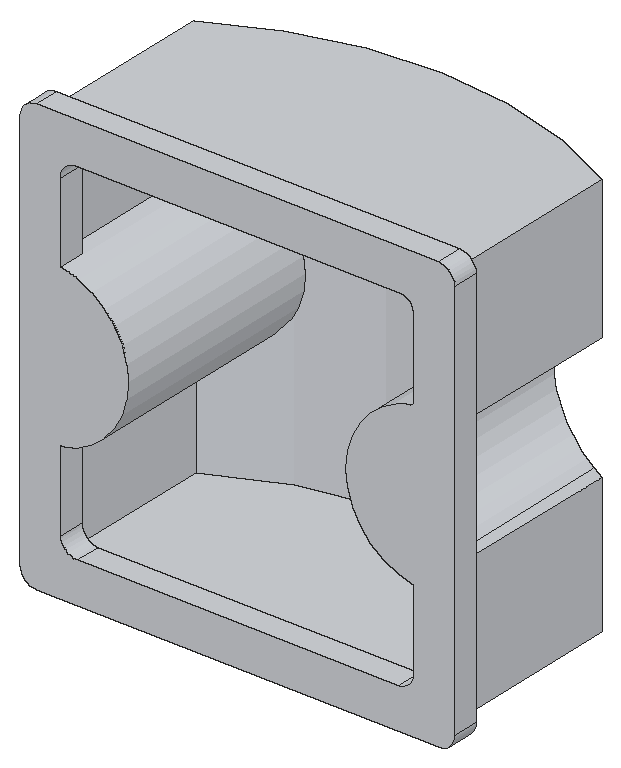
Revit family "E_FF130 Single Socket Insert-47mm", category Specialty Equipment, Revit 2015
Parameters (values of type "Firefly 1130 Single Switch Insert 47mm Deep")
  Youtube Clip = ""
  Width = 80 mm
  URL = "https://www.tenmat.com/passive-fire-protection/"
  Tenmat Item Number = ""
  Performance = "BS EN 1366-3:2009 & BS 476, ETA-12/0332, 1224-CPR-0341, CE Marked"
  Material/Grade = "FF130"
  Manufacturer = "Tenmat ltd"
  Length = 80 mm
  IFC Classification = "Building Element Proxy"
  Description = "Firefly 1130 Single Switch Insert 47mm"
  Height = 35 mm
Reference planes
  plane 1 "Center (Front/Back)": y = -226.673
  plane 2: z = 0
  plane 3 "Center (Left/Right)": x = 0
  plane 4: y = -246.007
  plane 5: x = -40
  plane 6: x = 40
  plane 7 "Height": z = 40
  plane 8: z = -40
  plane 9: y = -241.235
  plane 10: y = -223.785
  plane 11: y = -214.462
  plane 12: y = -198.962
  plane 13: y = -221.19
  plane 14: y = -210.962
  plane 15: y = -199.007
  plane 16: z = 32.5
  plane 17: x = 32.5
  plane 18: x = -32.5
  plane 19: z = -32.5
Forms (mm)
  Extrusion 1, solid
    sketch origin (-226.673, -246.007, 0) x (-1, 0, 0) y (0, 0, -1)
      loop
        arc (-186.673, 37) -> (-187.552, 39.121) -> (-189.673, 40) r 3
        line (-189.673, 40) -> (-263.673, 40)
        arc (-263.673, 40) -> (-265.794, 39.121) -> (-266.673, 37) r 3
        line (-266.673, 37) -> (-266.673, -37)
        arc (-266.673, -37) -> (-265.794, -39.121) -> (-263.673, -40) r 3
        line (-263.673, -40) -> (-189.673, -40)
        arc (-189.673, -40) -> (-187.552, -39.121) -> (-186.673, -37) r 3
        line (-186.673, -37) -> (-186.673, 37)
    from -4.772 to 0
  Extrusion 2, void
    sketch origin (-226.673, -246.007, 0) x (-1, 0, 0) y (0, 0, -1)
      loop
        arc (-256.173, 32.5) -> (-258.294, 31.621) -> (-259.173, 29.5) r 3
        line (-259.173, 29.5) -> (-259.173, -29.5)
        arc (-259.173, -29.5) -> (-258.294, -31.621) -> (-256.173, -32.5) r 3
        line (-256.173, -32.5) -> (-197.173, -32.5)
        arc (-197.173, -32.5) -> (-195.052, -31.621) -> (-194.173, -29.5) r 3
        line (-194.173, -29.5) -> (-194.173, 29.5)
        arc (-194.173, 29.5) -> (-195.052, 31.621) -> (-197.173, 32.5) r 3
        line (-197.173, 32.5) -> (-256.173, 32.5)
    from -4.772 to 0
  Extrusion 3, solid
    sketch origin (-226.673, -246.007, 0) x (-1, 0, 0) y (0, 0, -1)
      loop
        line (-261.673, 15) -> (-261.673, -15)
        arc (-261.673, -15) -> (-246.673, 0) -> (-261.673, 15) r 15
    from -44.972 to 0
  Extrusion 4, solid
    sketch origin (226.673, -246.007, 0) x (1, 0, 0) y (0, 0, 1)
      loop
        arc (-261.673, -15) -> (-246.673, 0) -> (-261.673, 15) r 15
        line (-261.673, 15) -> (-261.673, -15)
    from -44.547 to 0
  Extrusion 5, solid
    sketch origin (-226.673, -211.007, 0) x (-1, 0, 0) y (0, -1, 0)
      loop
        line (-264.172, 30.228) -> (-264.172, -1.818)
        arc (-264.172, -1.818) -> (-226.672, -12.046) -> (-189.173, -1.817) r 73.858
        line (-189.173, -1.817) -> (-189.173, 30.228) -> (-264.172, 30.228)
    from -37.018 to 37.5
  Extrusion 6, void
    sketch origin (-226.673, -211.007, 0) x (-1, 0, 0) y (0, -1, 0)
      loop
        line (-261.672, 30.228) -> (-261.672, 0.777)
        arc (-261.672, 0.777) -> (-226.672, -8.546) -> (-191.673, 0.778) r 70.358
        line (-191.673, 0.778) -> (-191.673, 30.228) -> (-261.672, 30.228)
    from -35 to 35
  Extrusion 7, solid
    sketch origin (226.673, -246.007, 0) x (1, 0, 0) y (0, 0, 1)
      loop
        arc (-261.673, -15) -> (-246.673, 0) -> (-261.673, 15) r 15
        line (-261.673, 15) -> (-261.673, -15)
    from -44.742 to 0
  Extrusion 8, void
    sketch origin (-226.673, -246.007, 0) x (-1, 0, 0) y (0, 0, -1)
      loop
        line (-261.673, 11.5) -> (-264.172, 11.5) -> (-264.172, -11.5) -> (-261.673, -11.5)
        arc (-261.673, -11.5) -> (-250.173, 0) -> (-261.673, 11.5) r 11.5
    from -44.061 to -4.772
  Extrusion 9, void
    sketch origin (226.673, -246.007, 0) x (1, 0, 0) y (0, 0, 1)
      loop
        arc (-261.673, -11.5) -> (-250.173, 0) -> (-261.673, 11.5) r 11.5
        line (-261.673, 11.5) -> (-264.172, 11.5) -> (-264.172, -11.5) -> (-261.673, -11.5)
    from -44.061 to -4.772
  Extrusion 10, void
    sketch origin (-226.673, -199.007, 0) x (-1, 0, 0) y (0, -1, 0)
      loop
        line (-264.173, 10.182) -> (-264.173, -3.669) -> (-189.173, -3.669) -> (-189.173, 10.183)
        arc (-189.173, 10.183) -> (-226.673, -0.046) -> (-264.173, 10.182) r 73.858
    from -40 to 40
Cuts and joins
  Extrusion 2, Extrusion 8, Extrusion 9 cuts Extrusion 1
  Extrusion 8, Extrusion 10 cuts Extrusion 3
  Extrusion 9, Extrusion 10 cuts Extrusion 4
  Extrusion 6, Extrusion 8, Extrusion 9, Extrusion 10 cuts Extrusion 5
  Extrusion 9, Extrusion 10 cuts Extrusion 7
  joined: Extrusion 1, Extrusion 3, Extrusion 4, Extrusion 5, Extrusion 7
Dimensions and locks
  equal spacing: plane 7 "Height", level, plane 8
  equal spacing: plane 6, plane 3 "Center (Left/Right)", plane 5
  plane 4 to plane 9 = 4.772 mm
  plane 4 to plane 1 "Center (Front/Back)" = 19.334 mm
  plane 6 to plane 5 = 80 mm
  plane 7 "Height" to plane 8 = 80 mm
  plane 4 to plane 15 = 47 mm
  plane 17 to plane 18 = 65 mm
  plane 9 to cut or joined group of Extrusion 1, Extrusion 2, Extrusion 3, Extrusion 4, Extrusion 5, Extrusion 6, Extrusion 7, Extrusion 8, Extrusion 9, Extrusion 10 = 32.045 mm
  aligned and locked: level to plane 2
Automatic sketch dimensions
  plane 6 to Extrusion 1 sketch curve = 0 mm
  Extrusion 1 sketch curve to plane 7 "Height" = 0 mm
  Extrusion 1 sketch curve to plane 8 = 0 mm
  Extrusion 1 sketch curve to plane 5 = 0 mm
  plane 6 to Extrusion 1 sketch curve = 3 mm  (x2)
  plane 5 to Extrusion 1 sketch curve = 3 mm  (x2)
  plane 6 to Extrusion 2 sketch curve = 7.5 mm
  Extrusion 2 sketch curve to Extrusion 2 sketch curve = 3 mm  (x3)
  plane 5 to Extrusion 2 sketch curve = 10.5 mm  (x2)
  Extrusion 2 sketch curve to plane 7 "Height" = 7.5 mm
  Extrusion 2 sketch curve to plane 8 = 10.5 mm
  Extrusion 3 sketch curve to level = 0 mm
  plane 6 to Extrusion 3 sketch curve = 5 mm
  level to Extrusion 3 sketch curve = 15 mm
  Extrusion 4 sketch curve to level = 0 mm
  plane 5 to Extrusion 4 sketch curve = 5 mm
  Extrusion 4 sketch curve to level = 15 mm
  plane 6 to Extrusion 5 sketch curve = 2.501 mm
  plane 3 "Center (Left/Right)" to Extrusion 5 sketch curve = 0 mm
  plane 5 to Extrusion 5 sketch curve = 2.5 mm
  Extrusion 5 sketch curve to plane 1 "Center (Front/Back)" = 17.484 mm
  Extrusion 5 sketch curve to plane 4 = 4.772 mm
  plane 4 to Extrusion 5 sketch curve = 26.813 mm
  plane 6 to Extrusion 6 sketch curve = 5.001 mm
  plane 3 "Center (Left/Right)" to Extrusion 6 sketch curve = 0 mm
  Extrusion 6 sketch curve to plane 1 "Center (Front/Back)" = 14.888 mm
  plane 5 to Extrusion 6 sketch curve = 5 mm
  Extrusion 6 sketch curve to plane 4 = 4.772 mm
  plane 4 to Extrusion 6 sketch curve = 26.813 mm
  Extrusion 7 sketch curve to level = 0 mm
  plane 5 to Extrusion 7 sketch curve = 5 mm
  Extrusion 7 sketch curve to level = 15 mm
  Extrusion 8 sketch curve to level = 0 mm
  plane 6 to Extrusion 8 sketch curve = 2.501 mm
  Extrusion 8 sketch curve to Extrusion 8 sketch curve = 2.499 mm
  level to Extrusion 8 sketch curve = 11.5 mm
  Extrusion 9 sketch curve to level = 0 mm
  plane 5 to Extrusion 9 sketch curve = 2.501 mm
  Extrusion 9 sketch curve to Extrusion 9 sketch curve = 2.499 mm
  Extrusion 9 sketch curve to level = 11.5 mm
  plane 6 to Extrusion 10 sketch curve = 2.5 mm
  plane 3 "Center (Left/Right)" to Extrusion 10 sketch curve = 0 mm
  plane 5 to Extrusion 10 sketch curve = 2.5 mm
  Extrusion 10 sketch curve to plane 1 "Center (Front/Back)" = 31.334 mm
  Extrusion 10 sketch curve to plane 1 "Center (Front/Back)" = 17.483 mm
  plane 4 to Extrusion 10 sketch curve = 26.813 mm
